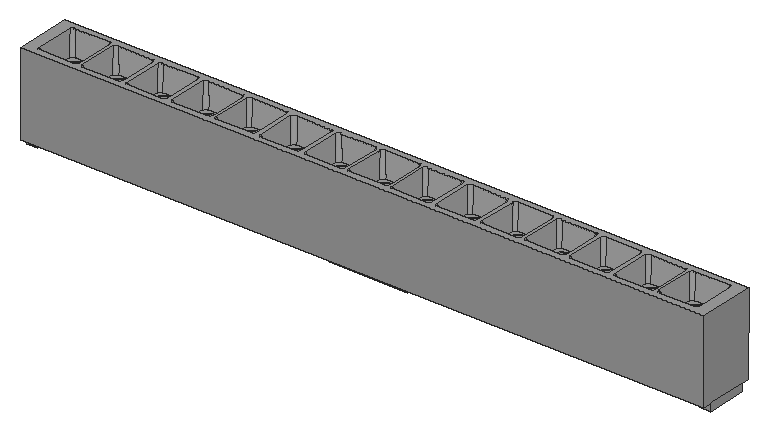
Revit family "Alcon - 15100_Multi-Cell Linear 36 Cells", category Lighting Fixtures, host Face, Revit 2025
Family settings
  Host = Face
  Round Connector Dimension = Use Diameter
  Part Type = Normal
  Cut with Voids When Loaded = No
  Light Source = Yes
  Maintain Annotation Orientation = No
  Shared = No
  Room Calculation Point = No
Parameters
  Wattage = 9.2903 W
  built-in parameter 1150110 = 1 (stored number, unit not read)
  built-in parameter 1114217 = 1 (stored number, unit not read)
  built-in parameter 1150109 = 1 (stored number, unit not read)
  built-in parameter 1150134 = 3
  built-in parameter 1150113 = 1 (stored number, unit not read)
  built-in parameter 1150105 = 439.27 (stored number, unit not read)
  Lumens = 1380 lm
  built-in parameter 1150115 = 1 (stored number, unit not read)
  Light Source Symbol Size = 2' - 0"
  built-in parameter 1150137 = (empty or 0)
  built-in parameter 1150139 = (empty or 0)
  built-in parameter 1150112 = 1 (stored number, unit not read)
  built-in parameter 1150114 = 1 (stored number, unit not read)
  built-in parameter 1150132 = (empty or 0)
  built-in parameter 1150102 = (empty or 0)
  built-in parameter 1150107 = 3200 (stored number, unit not read)
  built-in parameter 1150138 = (empty or 0)
  built-in parameter 1150106 = 4.3927 (stored number, unit not read)
  Housing = Default
  Glass Frosted = Glass, Frosted
  Fixture Length = 0' - 11.9"
  Emit from Line Length = 2' - 0"
  built-in parameter 1150104 = 13.8 (stored number, unit not read)
  Dimming Lamp Color Temperature Shift = (empty or 0)
  Default Elevation = 4' - 0"
  Color Filter = 16777215
  built-in parameter 1114218 = 1 (stored number, unit not read)
  built-in parameter 1150133 = 10 (stored number, unit not read)
Reference planes (in)
  plane 1 "Center (Front/Back)": y = 0
  plane 2: z = 0
  plane 3 "Center (Left/Right)": x = 0
Forms (in)
  Extrusion 1, solid, material "Default" <- "Housing"
    sketch origin (0, 0, 0) x (0, 1, 0) y (0, 0, 1)
      loop
        line (0.65, 2.17) -> (-0.65, 2.17) -> (-0.65, 0.25) -> (0.65, 0.25) -> (0.65, 2.17)
    from 0 to 15.95
  Extrusion 2, solid, material "Default" <- "Housing"
    sketch origin (7.06875, 0.80127, 0) x (0, 1, 0) y (0, 0, 1)
      loop
        line (-0.32706, 0.25) -> (-1.25034, 0.25) -> (-1.25034, 0.0773) -> (-0.32706, 0.0773) -> (-0.32706, 0.25)
    from 0 to 1.8125
  Blend 3, void
    base sketch origin (0, 0.35, 2.17) x (1, 0, 0) y (0, 1, 0)
      loop
        arc (1.22022, 0.09362) -> (1.19708, 0.14947) -> (1.14122, 0.17261) r 0.07899
        line (1.14122, 0.17261) -> (0.33645, 0.17261)
        arc (0.33645, 0.17261) -> (0.28587, 0.15166) -> (0.26492, 0.10108) r 0.07153
        line (0.26492, 0.10108) -> (0.26492, -0.78581)
        arc (0.26492, -0.78581) -> (0.28529, -0.83498) -> (0.33446, -0.85535) r 0.06954
        line (0.33446, -0.85535) -> (1.13919, -0.85535)
        arc (1.13919, -0.85535) -> (1.19648, -0.83162) -> (1.22022, -0.77432) r 0.08102
        line (1.22022, -0.77432) -> (1.22022, 0.09362)
    top sketch origin (0, -0.35, 0.25) x (1, 0, 0) y (0, 1, 0)
      loop
        arc (0.49109, 0.69091) -> (0.43156, 0.66626) -> (0.4069, 0.60673) r 0.08418
        line (0.4069, 0.60673) -> (0.4069, 0.09695)
        arc (0.4069, 0.09695) -> (0.42965, 0.04204) -> (0.48456, 0.01929) r 0.07765
        line (0.48456, 0.01929) -> (0.99141, 0.01929)
        arc (0.99141, 0.01929) -> (1.05112, 0.04402) -> (1.07585, 0.10373) r 0.08444
        line (1.07585, 0.10373) -> (1.07585, 0.60691)
        arc (1.07585, 0.60691) -> (1.05125, 0.66631) -> (0.99185, 0.69091) r 0.084
        line (0.99185, 0.69091) -> (0.49109, 0.69091)
    from 0 to 1.45075
  Extrusion 4, void
    sketch origin (0.09558, 0.35, 3.62075) x (0, 1, 0) y (1, 0, 0)
      loop
        circle (-0.34517, 0.64402) r 0.27249
      loop
        circle (-0.34517, 7.88205) r 0.27249
      loop
        circle (-0.34517, 1.66182) r 0.27249
      loop
        circle (-0.34517, 2.70828) r 0.27249
      loop
        circle (-0.34517, 3.75321) r 0.27249
      loop
        circle (-0.34517, 4.77846) r 0.27249
      loop
        circle (-0.34517, 5.82339) r 0.27249
      loop
        circle (-0.34517, 6.86985) r 0.27249
      loop
        circle (-0.34517, 8.89052) r 0.27249
      loop
        circle (-0.34517, 9.93698) r 0.27249
      loop
        circle (-0.34517, 10.98191) r 0.27249
      loop
        circle (-0.34517, 12.00717) r 0.27249
      loop
        circle (-0.34517, 13.0521) r 0.27249
      loop
        circle (-0.34517, 14.09855) r 0.27249
      loop
        circle (-0.34517, 15.11635) r 0.27249
    from 1.86613 to 2.23575
  Extrusion 5, solid, material "Glass, Frosted" <- "Glass Frosted"
    sketch origin (0, 0.35, 3.62075) x (1, 0, 0) y (0, 1, 0)
      loop
        circle (0.7396, -0.34517) r 0.27249
      loop
        circle (1.7574, -0.34517) r 0.27249
      loop
        circle (2.80386, -0.34517) r 0.27249
      loop
        circle (3.84879, -0.34517) r 0.27249
      loop
        circle (4.87405, -0.34517) r 0.27249
      loop
        circle (5.91898, -0.34517) r 0.27249
      loop
        circle (6.96543, -0.34517) r 0.27249
      loop
        circle (7.97763, -0.34517) r 0.27249
      loop
        circle (8.9861, -0.34517) r 0.27249
      loop
        circle (10.03256, -0.34517) r 0.27249
      loop
        circle (11.07749, -0.34517) r 0.27249
      loop
        circle (12.10275, -0.34517) r 0.27249
      loop
        circle (13.14768, -0.34517) r 0.27249
      loop
        circle (14.19414, -0.34517) r 0.27249
      loop
        circle (15.21193, -0.34517) r 0.27249
    from -1.94806 to -1.92
  Extrusion 6, solid, material "Default" <- "Housing"
    sketch origin (0, -0.35, 0.25) x (1, 0, 0) y (0, -1, 0)
      loop
        line (0.24219, -0.82421) -> (0.24219, 0.09907) -> (0, 0.09907) -> (0, -0.82421) -> (0.24219, -0.82421)
      loop
        line (15.95, -0.82421) -> (15.95, 0.09907) -> (15.70781, 0.09907) -> (15.70781, -0.82421) -> (15.95, -0.82421)
    from 0 to 0.1727
  Blend 7, void
    base sketch origin (7.23616, 0.35, 2.17) x (1, 0, 0) y (0, 1, 0)
      loop
        arc (1.22022, 0.09362) -> (1.19708, 0.14947) -> (1.14122, 0.17261) r 0.07899
        line (1.14122, 0.17261) -> (0.33645, 0.17261)
        arc (0.33645, 0.17261) -> (0.28587, 0.15166) -> (0.26492, 0.10108) r 0.07153
        line (0.26492, 0.10108) -> (0.26492, -0.78581)
        arc (0.26492, -0.78581) -> (0.28529, -0.83498) -> (0.33446, -0.85535) r 0.06954
        line (0.33446, -0.85535) -> (1.13919, -0.85535)
        arc (1.13919, -0.85535) -> (1.19648, -0.83162) -> (1.22022, -0.77432) r 0.08102
        line (1.22022, -0.77432) -> (1.22022, 0.09362)
    top sketch origin (7.23616, -0.35, 0.25) x (1, 0, 0) y (0, 1, 0)
      loop
        arc (0.49109, 0.69091) -> (0.43156, 0.66626) -> (0.4069, 0.60673) r 0.08418
        line (0.4069, 0.60673) -> (0.4069, 0.09695)
        arc (0.4069, 0.09695) -> (0.42965, 0.04204) -> (0.48456, 0.01929) r 0.07765
        line (0.48456, 0.01929) -> (0.99141, 0.01929)
        arc (0.99141, 0.01929) -> (1.05112, 0.04402) -> (1.07585, 0.10373) r 0.08444
        line (1.07585, 0.10373) -> (1.07585, 0.60691)
        arc (1.07585, 0.60691) -> (1.05125, 0.66631) -> (0.99185, 0.69091) r 0.084
        line (0.99185, 0.69091) -> (0.49109, 0.69091)
    from 0 to 1.45075
  Blend 8, void
    base sketch origin (2.06425, 0.33632, 2.17) x (1, 0, 0) y (0, 1, 0)
      loop
        arc (1.22022, 0.09362) -> (1.19708, 0.14947) -> (1.14122, 0.17261) r 0.07899
        line (1.14122, 0.17261) -> (0.33645, 0.17261)
        arc (0.33645, 0.17261) -> (0.28587, 0.15166) -> (0.26492, 0.10108) r 0.07153
        line (0.26492, 0.10108) -> (0.26492, -0.78581)
        arc (0.26492, -0.78581) -> (0.28529, -0.83498) -> (0.33446, -0.85535) r 0.06954
        line (0.33446, -0.85535) -> (1.13919, -0.85535)
        arc (1.13919, -0.85535) -> (1.19648, -0.83162) -> (1.22022, -0.77432) r 0.08102
        line (1.22022, -0.77432) -> (1.22022, 0.09362)
    top sketch origin (2.06425, -0.36368, 0.25) x (1, 0, 0) y (0, 1, 0)
      loop
        arc (0.49109, 0.69091) -> (0.43156, 0.66626) -> (0.4069, 0.60673) r 0.08418
        line (0.4069, 0.60673) -> (0.4069, 0.09695)
        arc (0.4069, 0.09695) -> (0.42965, 0.04204) -> (0.48456, 0.01929) r 0.07765
        line (0.48456, 0.01929) -> (0.99141, 0.01929)
        arc (0.99141, 0.01929) -> (1.05112, 0.04402) -> (1.07585, 0.10373) r 0.08444
        line (1.07585, 0.10373) -> (1.07585, 0.60691)
        arc (1.07585, 0.60691) -> (1.05125, 0.66631) -> (0.99185, 0.69091) r 0.084
        line (0.99185, 0.69091) -> (0.49109, 0.69091)
    from 0 to 1.45075
  Blend 9, void
    base sketch origin (3.10918, 0.35, 2.17) x (1, 0, 0) y (0, 1, 0)
      loop
        arc (1.22022, 0.09362) -> (1.19708, 0.14947) -> (1.14122, 0.17261) r 0.07899
        line (1.14122, 0.17261) -> (0.33645, 0.17261)
        arc (0.33645, 0.17261) -> (0.28587, 0.15166) -> (0.26492, 0.10108) r 0.07153
        line (0.26492, 0.10108) -> (0.26492, -0.78581)
        arc (0.26492, -0.78581) -> (0.28529, -0.83498) -> (0.33446, -0.85535) r 0.06954
        line (0.33446, -0.85535) -> (1.13919, -0.85535)
        arc (1.13919, -0.85535) -> (1.19648, -0.83162) -> (1.22022, -0.77432) r 0.08102
        line (1.22022, -0.77432) -> (1.22022, 0.09362)
    top sketch origin (3.10918, -0.35, 0.25) x (1, 0, 0) y (0, 1, 0)
      loop
        arc (0.49109, 0.69091) -> (0.43156, 0.66626) -> (0.4069, 0.60673) r 0.08418
        line (0.4069, 0.60673) -> (0.4069, 0.09695)
        arc (0.4069, 0.09695) -> (0.42965, 0.04204) -> (0.48456, 0.01929) r 0.07765
        line (0.48456, 0.01929) -> (0.99141, 0.01929)
        arc (0.99141, 0.01929) -> (1.05112, 0.04402) -> (1.07585, 0.10373) r 0.08444
        line (1.07585, 0.10373) -> (1.07585, 0.60691)
        arc (1.07585, 0.60691) -> (1.05125, 0.66631) -> (0.99185, 0.69091) r 0.084
        line (0.99185, 0.69091) -> (0.49109, 0.69091)
    from 0 to 1.45075
  Blend 10, void
    base sketch origin (1.0178, 0.33632, 2.17) x (1, 0, 0) y (0, 1, 0)
      loop
        arc (1.22022, 0.09362) -> (1.19708, 0.14947) -> (1.14122, 0.17261) r 0.07899
        line (1.14122, 0.17261) -> (0.33645, 0.17261)
        arc (0.33645, 0.17261) -> (0.28587, 0.15166) -> (0.26492, 0.10108) r 0.07153
        line (0.26492, 0.10108) -> (0.26492, -0.78581)
        arc (0.26492, -0.78581) -> (0.28529, -0.83498) -> (0.33446, -0.85535) r 0.06954
        line (0.33446, -0.85535) -> (1.13919, -0.85535)
        arc (1.13919, -0.85535) -> (1.19648, -0.83162) -> (1.22022, -0.77432) r 0.08102
        line (1.22022, -0.77432) -> (1.22022, 0.09362)
    top sketch origin (1.0178, -0.36368, 0.25) x (1, 0, 0) y (0, 1, 0)
      loop
        arc (0.49109, 0.69091) -> (0.43156, 0.66626) -> (0.4069, 0.60673) r 0.08418
        line (0.4069, 0.60673) -> (0.4069, 0.09695)
        arc (0.4069, 0.09695) -> (0.42965, 0.04204) -> (0.48456, 0.01929) r 0.07765
        line (0.48456, 0.01929) -> (0.99141, 0.01929)
        arc (0.99141, 0.01929) -> (1.05112, 0.04402) -> (1.07585, 0.10373) r 0.08444
        line (1.07585, 0.10373) -> (1.07585, 0.60691)
        arc (1.07585, 0.60691) -> (1.05125, 0.66631) -> (0.99185, 0.69091) r 0.084
        line (0.99185, 0.69091) -> (0.49109, 0.69091)
    from 0 to 1.45075
  Blend 11, void
    base sketch origin (6.65704, 0.33632, 2.17) x (1, 0, 0) y (0, 1, 0)
      loop
        line (-1.22022, 0.09362) -> (-1.22022, -0.77432)
        arc (-1.22022, -0.77432) -> (-1.19648, -0.83162) -> (-1.13919, -0.85535) r 0.08102
        line (-1.13919, -0.85535) -> (-0.33446, -0.85535)
        arc (-0.33446, -0.85535) -> (-0.28529, -0.83498) -> (-0.26492, -0.78581) r 0.06954
        line (-0.26492, -0.78581) -> (-0.26492, 0.10108)
        arc (-0.26492, 0.10108) -> (-0.28587, 0.15166) -> (-0.33645, 0.17261) r 0.07153
        line (-0.33645, 0.17261) -> (-1.14122, 0.17261)
        arc (-1.14122, 0.17261) -> (-1.19708, 0.14947) -> (-1.22022, 0.09362) r 0.07899
    top sketch origin (6.65704, -0.36368, 0.25) x (1, 0, 0) y (0, 1, 0)
      loop
        line (-0.49109, 0.69091) -> (-0.99185, 0.69091)
        arc (-0.99185, 0.69091) -> (-1.05125, 0.66631) -> (-1.07585, 0.60691) r 0.084
        line (-1.07585, 0.60691) -> (-1.07585, 0.10373)
        arc (-1.07585, 0.10373) -> (-1.05112, 0.04402) -> (-0.99141, 0.01929) r 0.08444
        line (-0.99141, 0.01929) -> (-0.48456, 0.01929)
        arc (-0.48456, 0.01929) -> (-0.42965, 0.04204) -> (-0.4069, 0.09695) r 0.07765
        line (-0.4069, 0.09695) -> (-0.4069, 0.60673)
        arc (-0.4069, 0.60673) -> (-0.43156, 0.66626) -> (-0.49109, 0.69091) r 0.08418
    from 0 to 1.45075
  Blend 12, void
    base sketch origin (5.61211, 0.35, 2.17) x (1, 0, 0) y (0, 1, 0)
      loop
        line (-1.22022, 0.09362) -> (-1.22022, -0.77432)
        arc (-1.22022, -0.77432) -> (-1.19648, -0.83162) -> (-1.13919, -0.85535) r 0.08102
        line (-1.13919, -0.85535) -> (-0.33446, -0.85535)
        arc (-0.33446, -0.85535) -> (-0.28529, -0.83498) -> (-0.26492, -0.78581) r 0.06954
        line (-0.26492, -0.78581) -> (-0.26492, 0.10108)
        arc (-0.26492, 0.10108) -> (-0.28587, 0.15166) -> (-0.33645, 0.17261) r 0.07153
        line (-0.33645, 0.17261) -> (-1.14122, 0.17261)
        arc (-1.14122, 0.17261) -> (-1.19708, 0.14947) -> (-1.22022, 0.09362) r 0.07899
    top sketch origin (5.61211, -0.35, 0.25) x (1, 0, 0) y (0, 1, 0)
      loop
        line (-0.49109, 0.69091) -> (-0.99185, 0.69091)
        arc (-0.99185, 0.69091) -> (-1.05125, 0.66631) -> (-1.07585, 0.60691) r 0.084
        line (-1.07585, 0.60691) -> (-1.07585, 0.10373)
        arc (-1.07585, 0.10373) -> (-1.05112, 0.04402) -> (-0.99141, 0.01929) r 0.08444
        line (-0.99141, 0.01929) -> (-0.48456, 0.01929)
        arc (-0.48456, 0.01929) -> (-0.42965, 0.04204) -> (-0.4069, 0.09695) r 0.07765
        line (-0.4069, 0.09695) -> (-0.4069, 0.60673)
        arc (-0.4069, 0.60673) -> (-0.43156, 0.66626) -> (-0.49109, 0.69091) r 0.08418
    from 0 to 1.45075
  Blend 13, void
    base sketch origin (7.7035, 0.33632, 2.17) x (1, 0, 0) y (0, 1, 0)
      loop
        line (-1.22022, 0.09362) -> (-1.22022, -0.77432)
        arc (-1.22022, -0.77432) -> (-1.19648, -0.83162) -> (-1.13919, -0.85535) r 0.08102
        line (-1.13919, -0.85535) -> (-0.33446, -0.85535)
        arc (-0.33446, -0.85535) -> (-0.28529, -0.83498) -> (-0.26492, -0.78581) r 0.06954
        line (-0.26492, -0.78581) -> (-0.26492, 0.10108)
        arc (-0.26492, 0.10108) -> (-0.28587, 0.15166) -> (-0.33645, 0.17261) r 0.07153
        line (-0.33645, 0.17261) -> (-1.14122, 0.17261)
        arc (-1.14122, 0.17261) -> (-1.19708, 0.14947) -> (-1.22022, 0.09362) r 0.07899
    top sketch origin (7.7035, -0.36368, 0.25) x (1, 0, 0) y (0, 1, 0)
      loop
        line (-0.49109, 0.69091) -> (-0.99185, 0.69091)
        arc (-0.99185, 0.69091) -> (-1.05125, 0.66631) -> (-1.07585, 0.60691) r 0.084
        line (-1.07585, 0.60691) -> (-1.07585, 0.10373)
        arc (-1.07585, 0.10373) -> (-1.05112, 0.04402) -> (-0.99141, 0.01929) r 0.08444
        line (-0.99141, 0.01929) -> (-0.48456, 0.01929)
        arc (-0.48456, 0.01929) -> (-0.42965, 0.04204) -> (-0.4069, 0.09695) r 0.07765
        line (-0.4069, 0.09695) -> (-0.4069, 0.60673)
        arc (-0.4069, 0.60673) -> (-0.43156, 0.66626) -> (-0.49109, 0.69091) r 0.08418
    from 0 to 1.45075
  Blend 14, void
    base sketch origin (15.95, 0.35, 2.17) x (1, 0, 0) y (0, 1, 0)
      loop
        line (-1.22022, 0.09362) -> (-1.22022, -0.77432)
        arc (-1.22022, -0.77432) -> (-1.19648, -0.83162) -> (-1.13919, -0.85535) r 0.08102
        line (-1.13919, -0.85535) -> (-0.33446, -0.85535)
        arc (-0.33446, -0.85535) -> (-0.28529, -0.83498) -> (-0.26492, -0.78581) r 0.06954
        line (-0.26492, -0.78581) -> (-0.26492, 0.10108)
        arc (-0.26492, 0.10108) -> (-0.28587, 0.15166) -> (-0.33645, 0.17261) r 0.07153
        line (-0.33645, 0.17261) -> (-1.14122, 0.17261)
        arc (-1.14122, 0.17261) -> (-1.19708, 0.14947) -> (-1.22022, 0.09362) r 0.07899
    top sketch origin (15.95, -0.35, 0.25) x (1, 0, 0) y (0, 1, 0)
      loop
        line (-0.49109, 0.69091) -> (-0.99185, 0.69091)
        arc (-0.99185, 0.69091) -> (-1.05125, 0.66631) -> (-1.07585, 0.60691) r 0.084
        line (-1.07585, 0.60691) -> (-1.07585, 0.10373)
        arc (-1.07585, 0.10373) -> (-1.05112, 0.04402) -> (-0.99141, 0.01929) r 0.08444
        line (-0.99141, 0.01929) -> (-0.48456, 0.01929)
        arc (-0.48456, 0.01929) -> (-0.42965, 0.04204) -> (-0.4069, 0.09695) r 0.07765
        line (-0.4069, 0.09695) -> (-0.4069, 0.60673)
        arc (-0.4069, 0.60673) -> (-0.43156, 0.66626) -> (-0.49109, 0.69091) r 0.08418
    from 0 to 1.45075
  Blend 15, void
    base sketch origin (13.88575, 0.33632, 2.17) x (1, 0, 0) y (0, 1, 0)
      loop
        line (-1.22022, 0.09362) -> (-1.22022, -0.77432)
        arc (-1.22022, -0.77432) -> (-1.19648, -0.83162) -> (-1.13919, -0.85535) r 0.08102
        line (-1.13919, -0.85535) -> (-0.33446, -0.85535)
        arc (-0.33446, -0.85535) -> (-0.28529, -0.83498) -> (-0.26492, -0.78581) r 0.06954
        line (-0.26492, -0.78581) -> (-0.26492, 0.10108)
        arc (-0.26492, 0.10108) -> (-0.28587, 0.15166) -> (-0.33645, 0.17261) r 0.07153
        line (-0.33645, 0.17261) -> (-1.14122, 0.17261)
        arc (-1.14122, 0.17261) -> (-1.19708, 0.14947) -> (-1.22022, 0.09362) r 0.07899
    top sketch origin (13.88575, -0.36368, 0.25) x (1, 0, 0) y (0, 1, 0)
      loop
        line (-0.49109, 0.69091) -> (-0.99185, 0.69091)
        arc (-0.99185, 0.69091) -> (-1.05125, 0.66631) -> (-1.07585, 0.60691) r 0.084
        line (-1.07585, 0.60691) -> (-1.07585, 0.10373)
        arc (-1.07585, 0.10373) -> (-1.05112, 0.04402) -> (-0.99141, 0.01929) r 0.08444
        line (-0.99141, 0.01929) -> (-0.48456, 0.01929)
        arc (-0.48456, 0.01929) -> (-0.42965, 0.04204) -> (-0.4069, 0.09695) r 0.07765
        line (-0.4069, 0.09695) -> (-0.4069, 0.60673)
        arc (-0.4069, 0.60673) -> (-0.43156, 0.66626) -> (-0.49109, 0.69091) r 0.08418
    from 0 to 1.45075
  Blend 16, void
    base sketch origin (12.84082, 0.35, 2.17) x (1, 0, 0) y (0, 1, 0)
      loop
        line (-1.22022, 0.09362) -> (-1.22022, -0.77432)
        arc (-1.22022, -0.77432) -> (-1.19648, -0.83162) -> (-1.13919, -0.85535) r 0.08102
        line (-1.13919, -0.85535) -> (-0.33446, -0.85535)
        arc (-0.33446, -0.85535) -> (-0.28529, -0.83498) -> (-0.26492, -0.78581) r 0.06954
        line (-0.26492, -0.78581) -> (-0.26492, 0.10108)
        arc (-0.26492, 0.10108) -> (-0.28587, 0.15166) -> (-0.33645, 0.17261) r 0.07153
        line (-0.33645, 0.17261) -> (-1.14122, 0.17261)
        arc (-1.14122, 0.17261) -> (-1.19708, 0.14947) -> (-1.22022, 0.09362) r 0.07899
    top sketch origin (12.84082, -0.35, 0.25) x (1, 0, 0) y (0, 1, 0)
      loop
        line (-0.49109, 0.69091) -> (-0.99185, 0.69091)
        arc (-0.99185, 0.69091) -> (-1.05125, 0.66631) -> (-1.07585, 0.60691) r 0.084
        line (-1.07585, 0.60691) -> (-1.07585, 0.10373)
        arc (-1.07585, 0.10373) -> (-1.05112, 0.04402) -> (-0.99141, 0.01929) r 0.08444
        line (-0.99141, 0.01929) -> (-0.48456, 0.01929)
        arc (-0.48456, 0.01929) -> (-0.42965, 0.04204) -> (-0.4069, 0.09695) r 0.07765
        line (-0.4069, 0.09695) -> (-0.4069, 0.60673)
        arc (-0.4069, 0.60673) -> (-0.43156, 0.66626) -> (-0.49109, 0.69091) r 0.08418
    from 0 to 1.45075
  Blend 17, void
    base sketch origin (14.9322, 0.33632, 2.17) x (1, 0, 0) y (0, 1, 0)
      loop
        line (-1.22022, 0.09362) -> (-1.22022, -0.77432)
        arc (-1.22022, -0.77432) -> (-1.19648, -0.83162) -> (-1.13919, -0.85535) r 0.08102
        line (-1.13919, -0.85535) -> (-0.33446, -0.85535)
        arc (-0.33446, -0.85535) -> (-0.28529, -0.83498) -> (-0.26492, -0.78581) r 0.06954
        line (-0.26492, -0.78581) -> (-0.26492, 0.10108)
        arc (-0.26492, 0.10108) -> (-0.28587, 0.15166) -> (-0.33645, 0.17261) r 0.07153
        line (-0.33645, 0.17261) -> (-1.14122, 0.17261)
        arc (-1.14122, 0.17261) -> (-1.19708, 0.14947) -> (-1.22022, 0.09362) r 0.07899
    top sketch origin (14.9322, -0.36368, 0.25) x (1, 0, 0) y (0, 1, 0)
      loop
        line (-0.49109, 0.69091) -> (-0.99185, 0.69091)
        arc (-0.99185, 0.69091) -> (-1.05125, 0.66631) -> (-1.07585, 0.60691) r 0.084
        line (-1.07585, 0.60691) -> (-1.07585, 0.10373)
        arc (-1.07585, 0.10373) -> (-1.05112, 0.04402) -> (-0.99141, 0.01929) r 0.08444
        line (-0.99141, 0.01929) -> (-0.48456, 0.01929)
        arc (-0.48456, 0.01929) -> (-0.42965, 0.04204) -> (-0.4069, 0.09695) r 0.07765
        line (-0.4069, 0.09695) -> (-0.4069, 0.60673)
        arc (-0.4069, 0.60673) -> (-0.43156, 0.66626) -> (-0.49109, 0.69091) r 0.08418
    from 0 to 1.45075
  Blend 18, void
    base sketch origin (9.29296, 0.33632, 2.17) x (1, 0, 0) y (0, 1, 0)
      loop
        arc (1.22022, 0.09362) -> (1.19708, 0.14947) -> (1.14122, 0.17261) r 0.07899
        line (1.14122, 0.17261) -> (0.33645, 0.17261)
        arc (0.33645, 0.17261) -> (0.28587, 0.15166) -> (0.26492, 0.10108) r 0.07153
        line (0.26492, 0.10108) -> (0.26492, -0.78581)
        arc (0.26492, -0.78581) -> (0.28529, -0.83498) -> (0.33446, -0.85535) r 0.06954
        line (0.33446, -0.85535) -> (1.13919, -0.85535)
        arc (1.13919, -0.85535) -> (1.19648, -0.83162) -> (1.22022, -0.77432) r 0.08102
        line (1.22022, -0.77432) -> (1.22022, 0.09362)
    top sketch origin (9.29296, -0.36368, 0.25) x (1, 0, 0) y (0, 1, 0)
      loop
        arc (0.49109, 0.69091) -> (0.43156, 0.66626) -> (0.4069, 0.60673) r 0.08418
        line (0.4069, 0.60673) -> (0.4069, 0.09695)
        arc (0.4069, 0.09695) -> (0.42965, 0.04204) -> (0.48456, 0.01929) r 0.07765
        line (0.48456, 0.01929) -> (0.99141, 0.01929)
        arc (0.99141, 0.01929) -> (1.05112, 0.04402) -> (1.07585, 0.10373) r 0.08444
        line (1.07585, 0.10373) -> (1.07585, 0.60691)
        arc (1.07585, 0.60691) -> (1.05125, 0.66631) -> (0.99185, 0.69091) r 0.084
        line (0.99185, 0.69091) -> (0.49109, 0.69091)
    from 0 to 1.45075
  Blend 19, void
    base sketch origin (10.33789, 0.35, 2.17) x (1, 0, 0) y (0, 1, 0)
      loop
        arc (1.22022, 0.09362) -> (1.19708, 0.14947) -> (1.14122, 0.17261) r 0.07899
        line (1.14122, 0.17261) -> (0.33645, 0.17261)
        arc (0.33645, 0.17261) -> (0.28587, 0.15166) -> (0.26492, 0.10108) r 0.07153
        line (0.26492, 0.10108) -> (0.26492, -0.78581)
        arc (0.26492, -0.78581) -> (0.28529, -0.83498) -> (0.33446, -0.85535) r 0.06954
        line (0.33446, -0.85535) -> (1.13919, -0.85535)
        arc (1.13919, -0.85535) -> (1.19648, -0.83162) -> (1.22022, -0.77432) r 0.08102
        line (1.22022, -0.77432) -> (1.22022, 0.09362)
    top sketch origin (10.33789, -0.35, 0.25) x (1, 0, 0) y (0, 1, 0)
      loop
        arc (0.49109, 0.69091) -> (0.43156, 0.66626) -> (0.4069, 0.60673) r 0.08418
        line (0.4069, 0.60673) -> (0.4069, 0.09695)
        arc (0.4069, 0.09695) -> (0.42965, 0.04204) -> (0.48456, 0.01929) r 0.07765
        line (0.48456, 0.01929) -> (0.99141, 0.01929)
        arc (0.99141, 0.01929) -> (1.05112, 0.04402) -> (1.07585, 0.10373) r 0.08444
        line (1.07585, 0.10373) -> (1.07585, 0.60691)
        arc (1.07585, 0.60691) -> (1.05125, 0.66631) -> (0.99185, 0.69091) r 0.084
        line (0.99185, 0.69091) -> (0.49109, 0.69091)
    from 0 to 1.45075
  Blend 20, void
    base sketch origin (8.2465, 0.33632, 2.17) x (1, 0, 0) y (0, 1, 0)
      loop
        arc (1.22022, 0.09362) -> (1.19708, 0.14947) -> (1.14122, 0.17261) r 0.07899
        line (1.14122, 0.17261) -> (0.33645, 0.17261)
        arc (0.33645, 0.17261) -> (0.28587, 0.15166) -> (0.26492, 0.10108) r 0.07153
        line (0.26492, 0.10108) -> (0.26492, -0.78581)
        arc (0.26492, -0.78581) -> (0.28529, -0.83498) -> (0.33446, -0.85535) r 0.06954
        line (0.33446, -0.85535) -> (1.13919, -0.85535)
        arc (1.13919, -0.85535) -> (1.19648, -0.83162) -> (1.22022, -0.77432) r 0.08102
        line (1.22022, -0.77432) -> (1.22022, 0.09362)
    top sketch origin (8.2465, -0.36368, 0.25) x (1, 0, 0) y (0, 1, 0)
      loop
        arc (0.49109, 0.69091) -> (0.43156, 0.66626) -> (0.4069, 0.60673) r 0.08418
        line (0.4069, 0.60673) -> (0.4069, 0.09695)
        arc (0.4069, 0.09695) -> (0.42965, 0.04204) -> (0.48456, 0.01929) r 0.07765
        line (0.48456, 0.01929) -> (0.99141, 0.01929)
        arc (0.99141, 0.01929) -> (1.05112, 0.04402) -> (1.07585, 0.10373) r 0.08444
        line (1.07585, 0.10373) -> (1.07585, 0.60691)
        arc (1.07585, 0.60691) -> (1.05125, 0.66631) -> (0.99185, 0.69091) r 0.084
        line (0.99185, 0.69091) -> (0.49109, 0.69091)
    from 0 to 1.45075
Cuts and joins
  Blend 3, Extrusion 4, Blend 7, Blend 8, Blend 9, Blend 10, Blend 11, Blend 12, Blend 13, Blend 14, Blend 15, Blend 16, Blend 17, Blend 18, Blend 19, Blend 20 cuts Extrusion 1
  Blend 7, Blend 14 cuts Extrusion 5
Lines and regions (in)
  reference lines
    curve 1: line (7.06875, -2.48319, 0) -> (7.06875, 2.01681, 0)
    curve 2: line (15.70781, 2.01681, 0) -> (15.70781, -2.48319, 0)
    curve 3: line (15.90551, 2.01681, 0) -> (15.90551, -2.48319, 0)
    curve 4: line (15.95, 2.01681, 0) -> (15.95, -2.48319, 0)
    curve 5: line (0.24219, 2.01681, 0) -> (0.24219, -2.48319, 0)
    curve 6: line (0.04449, 2.01681, 0) -> (0.04449, -2.48319, 0)
Dimensions and locks (in)
  aligned and locked: plane 2 to host face
  aligned and locked: level to host face
